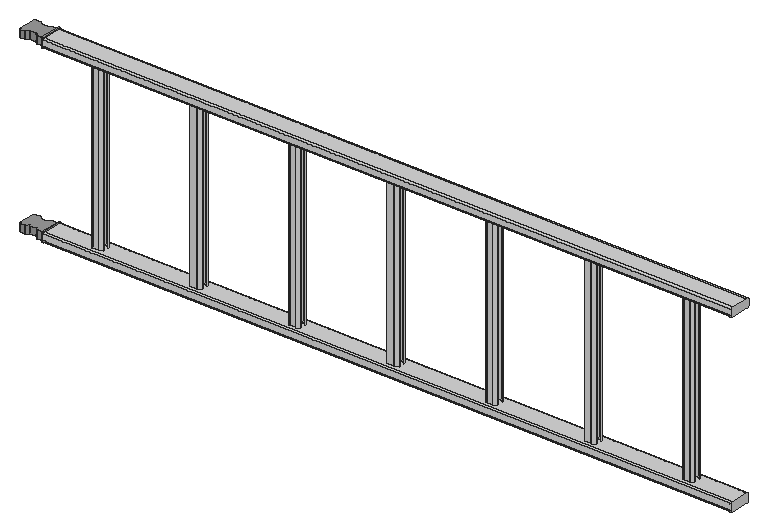
Revit family "EV_LADDER 1960_1857085", category Generic Models, Revit 2018
Family settings
  Can host rebar = No
  Round Connector Dimension = Use Diameter
  Part Type = Normal
  OmniClass Number = 35.51.14.00
  OmniClass Title = FORMWORK
  Work Plane-Based = Yes
  Always vertical = No
  Cut with Voids When Loaded = No
  Shared = Yes
  Room Calculation Point = No
Parameters
  VERSION = "20170217"  # constant formula
  URL = "www.ulmaconstruction.com/en"
  UNICLASS = ""
  Manufacturer = "ULMA CONSTRUCTION"  # constant formula
  ITEM_WEIGHT = 14.00 kg
  ITEM_CODE = "1857085"
  FILTER [instance] = ""
  Default Elevation = 0.000 mm
  CLASSIFICATION_TITLE = ""
  CLASSIFICATION_NUMBER = ""
Reference planes
  plane 1 "Centro (Frontal/Posterior)": y = 0
  plane 2: z = 0
  plane 3 "Centro (Izquierda/Derecha)": x = 0
Forms (mm)
  Extrusion 1, solid, material "ULMA ZINC"
    sketch origin (0, 0, 0) x (1, 0, 0) y (0, 1, 0)
      loop
        line (177.429, 12.734) -> (186.503, 7.516) -> (187.5, 9.25) -> (178.426, 14.468)
        arc (178.426, 14.468) -> (177.464, 14.865) -> (176.432, 15) r 4
        line (176.432, 15) -> (157.5, 15) -> (157.5, -15) -> (176.432, -15)
        arc (176.432, -15) -> (177.464, -14.865) -> (178.426, -14.468) r 4
        line (178.426, -14.468) -> (187.5, -9.25) -> (186.503, -7.516) -> (177.429, -12.734)
        arc (177.429, -12.734) -> (176.948, -12.932) -> (176.432, -13) r 2
        line (176.432, -13) -> (159.5, -13) -> (159.5, 13) -> (176.432, 13)
        arc (176.432, 13) -> (176.948, 12.932) -> (177.429, 12.734) r 2
    from -25 to -495
  Extrusion 2, solid, material "ULMA ZINC"
    sketch origin (0, 0, 0.5) x (0, 1, 0) y (0, 0, 1)
      loop
        arc (-30, -21.5) -> (-28.828, -24.328) -> (-26, -25.5) r 4
        line (-26, -25.5) -> (26, -25.5)
        arc (26, -25.5) -> (28.828, -24.328) -> (30, -21.5) r 4
        line (30, -21.5) -> (30, -4.5)
        arc (30, -4.5) -> (28.828, -1.672) -> (26, -0.5) r 4
        line (26, -0.5) -> (-26, -0.5)
        arc (-26, -0.5) -> (-28.828, -1.672) -> (-30, -4.5) r 4
        line (-30, -4.5) -> (-30, -21.5)
    from 31.5 to 1987.5
  Extrusion 3, solid, material "ULMA ZINC"
    sketch origin (0, 0, -494.5) x (0, 1, 0) y (0, 0, 1)
      loop
        arc (-30, -21.5) -> (-28.828, -24.328) -> (-26, -25.5) r 4
        line (-26, -25.5) -> (26, -25.5)
        arc (26, -25.5) -> (28.828, -24.328) -> (30, -21.5) r 4
        line (30, -21.5) -> (30, -4.5)
        arc (30, -4.5) -> (28.828, -1.672) -> (26, -0.5) r 4
        line (26, -0.5) -> (-26, -0.5)
        arc (-26, -0.5) -> (-28.828, -1.672) -> (-30, -4.5) r 4
        line (-30, -4.5) -> (-30, -21.5)
    from 31.5 to 1987.5
  Extrusion 4, solid, material "ULMA POLYPROPYLENE BLACK"
    sketch origin (0, 0, 0) x (0, 1, 0) y (0, 0, 1)
      loop
        line (-29.25, 0.5) -> (-29.25, -25.5) -> (29.25, -25.5) -> (29.25, 0.5) -> (-29.25, 0.5)
    from 27.5 to 31.5
  Extrusion 5, solid, material "ULMA POLYPROPYLENE BLACK"
    sketch origin (0, 0, 0) x (1, 0, 0) y (0, 1, 0)
      loop
        line (27.5, -26.75) -> (27.5, 26.75) -> (13.18, 26.75)
        arc (13.18, 26.75) -> (11.182, 26.333) -> (9.516, 25.152) r 5
        line (9.516, 25.152) -> (5.984, 21.348)
        arc (5.984, 21.348) -> (4.318, 20.167) -> (2.32, 19.75) r 5
        line (2.32, 19.75) -> (-13.32, 19.75)
        arc (-13.32, 19.75) -> (-15.318, 20.167) -> (-16.984, 21.348) r 5
        line (-16.984, 21.348) -> (-20.516, 25.152)
        arc (-20.516, 25.152) -> (-22.182, 26.333) -> (-24.18, 26.75) r 5
        line (-24.18, 26.75) -> (-33.5, 26.75)
        arc (-33.5, 26.75) -> (-37.036, 25.286) -> (-38.5, 21.75) r 5
        line (-38.5, 21.75) -> (-38.5, -21.75)
        arc (-38.5, -21.75) -> (-37.036, -25.286) -> (-33.5, -26.75) r 5
        line (-33.5, -26.75) -> (-24.18, -26.75)
        arc (-24.18, -26.75) -> (-22.182, -26.333) -> (-20.516, -25.152) r 5
        line (-20.516, -25.152) -> (-16.984, -21.348)
        arc (-16.984, -21.348) -> (-15.318, -20.167) -> (-13.32, -19.75) r 5
        line (-13.32, -19.75) -> (2.32, -19.75)
        arc (2.32, -19.75) -> (4.318, -20.167) -> (5.984, -21.348) r 5
        line (5.984, -21.348) -> (9.516, -25.152)
        arc (9.516, -25.152) -> (11.182, -26.333) -> (13.18, -26.75) r 5
        line (13.18, -26.75) -> (27.5, -26.75)
    from -23 to -2
  Extrusion 6, solid, material "ULMA POLYPROPYLENE BLACK"
    sketch origin (0, 0, -495) x (0, 1, 0) y (0, 0, 1)
      loop
        line (-29.25, 0.5) -> (-29.25, -25.5) -> (29.25, -25.5) -> (29.25, 0.5) -> (-29.25, 0.5)
    from 27.5 to 31.5
  Extrusion 7, solid, material "ULMA POLYPROPYLENE BLACK"
    sketch origin (0, 0, 0) x (1, 0, 0) y (0, 1, 0)
      loop
        line (27.5, -26.75) -> (27.5, 26.75) -> (13.18, 26.75)
        arc (13.18, 26.75) -> (11.182, 26.333) -> (9.516, 25.152) r 5
        line (9.516, 25.152) -> (5.984, 21.348)
        arc (5.984, 21.348) -> (4.318, 20.167) -> (2.32, 19.75) r 5
        line (2.32, 19.75) -> (-13.32, 19.75)
        arc (-13.32, 19.75) -> (-15.318, 20.167) -> (-16.984, 21.348) r 5
        line (-16.984, 21.348) -> (-20.516, 25.152)
        arc (-20.516, 25.152) -> (-22.182, 26.333) -> (-24.18, 26.75) r 5
        line (-24.18, 26.75) -> (-33.5, 26.75)
        arc (-33.5, 26.75) -> (-37.036, 25.286) -> (-38.5, 21.75) r 5
        line (-38.5, 21.75) -> (-38.5, -21.75)
        arc (-38.5, -21.75) -> (-37.036, -25.286) -> (-33.5, -26.75) r 5
        line (-33.5, -26.75) -> (-24.18, -26.75)
        arc (-24.18, -26.75) -> (-22.182, -26.333) -> (-20.516, -25.152) r 5
        line (-20.516, -25.152) -> (-16.984, -21.348)
        arc (-16.984, -21.348) -> (-15.318, -20.167) -> (-13.32, -19.75) r 5
        line (-13.32, -19.75) -> (2.32, -19.75)
        arc (2.32, -19.75) -> (4.318, -20.167) -> (5.984, -21.348) r 5
        line (5.984, -21.348) -> (9.516, -25.152)
        arc (9.516, -25.152) -> (11.182, -26.333) -> (13.18, -26.75) r 5
        line (13.18, -26.75) -> (27.5, -26.75)
    from -518 to -497
  Extrusion 8, solid, material "ULMA ZINC"
    sketch origin (280, 0, 0) x (1, 0, 0) y (0, 1, 0)
      loop
        line (177.429, 12.734) -> (186.503, 7.516) -> (187.5, 9.25) -> (178.426, 14.468)
        arc (178.426, 14.468) -> (177.464, 14.865) -> (176.432, 15) r 4
        line (176.432, 15) -> (157.5, 15) -> (157.5, -15) -> (176.432, -15)
        arc (176.432, -15) -> (177.464, -14.865) -> (178.426, -14.468) r 4
        line (178.426, -14.468) -> (187.5, -9.25) -> (186.503, -7.516) -> (177.429, -12.734)
        arc (177.429, -12.734) -> (176.948, -12.932) -> (176.432, -13) r 2
        line (176.432, -13) -> (159.5, -13) -> (159.5, 13) -> (176.432, 13)
        arc (176.432, 13) -> (176.948, 12.932) -> (177.429, 12.734) r 2
    from -25 to -495
  Extrusion 9, solid, material "ULMA ZINC"
    sketch origin (560, 0, 0) x (1, 0, 0) y (0, 1, 0)
      loop
        line (177.429, 12.734) -> (186.503, 7.516) -> (187.5, 9.25) -> (178.426, 14.468)
        arc (178.426, 14.468) -> (177.464, 14.865) -> (176.432, 15) r 4
        line (176.432, 15) -> (157.5, 15) -> (157.5, -15) -> (176.432, -15)
        arc (176.432, -15) -> (177.464, -14.865) -> (178.426, -14.468) r 4
        line (178.426, -14.468) -> (187.5, -9.25) -> (186.503, -7.516) -> (177.429, -12.734)
        arc (177.429, -12.734) -> (176.948, -12.932) -> (176.432, -13) r 2
        line (176.432, -13) -> (159.5, -13) -> (159.5, 13) -> (176.432, 13)
        arc (176.432, 13) -> (176.948, 12.932) -> (177.429, 12.734) r 2
    from -25 to -495
  Extrusion 10, solid, material "ULMA ZINC"
    sketch origin (840, 0, 0) x (1, 0, 0) y (0, 1, 0)
      loop
        line (177.429, 12.734) -> (186.503, 7.516) -> (187.5, 9.25) -> (178.426, 14.468)
        arc (178.426, 14.468) -> (177.464, 14.865) -> (176.432, 15) r 4
        line (176.432, 15) -> (157.5, 15) -> (157.5, -15) -> (176.432, -15)
        arc (176.432, -15) -> (177.464, -14.865) -> (178.426, -14.468) r 4
        line (178.426, -14.468) -> (187.5, -9.25) -> (186.503, -7.516) -> (177.429, -12.734)
        arc (177.429, -12.734) -> (176.948, -12.932) -> (176.432, -13) r 2
        line (176.432, -13) -> (159.5, -13) -> (159.5, 13) -> (176.432, 13)
        arc (176.432, 13) -> (176.948, 12.932) -> (177.429, 12.734) r 2
    from -25 to -495
  Extrusion 11, solid, material "ULMA ZINC"
    sketch origin (1120, 0, 0) x (1, 0, 0) y (0, 1, 0)
      loop
        line (177.429, 12.734) -> (186.503, 7.516) -> (187.5, 9.25) -> (178.426, 14.468)
        arc (178.426, 14.468) -> (177.464, 14.865) -> (176.432, 15) r 4
        line (176.432, 15) -> (157.5, 15) -> (157.5, -15) -> (176.432, -15)
        arc (176.432, -15) -> (177.464, -14.865) -> (178.426, -14.468) r 4
        line (178.426, -14.468) -> (187.5, -9.25) -> (186.503, -7.516) -> (177.429, -12.734)
        arc (177.429, -12.734) -> (176.948, -12.932) -> (176.432, -13) r 2
        line (176.432, -13) -> (159.5, -13) -> (159.5, 13) -> (176.432, 13)
        arc (176.432, 13) -> (176.948, 12.932) -> (177.429, 12.734) r 2
    from -25 to -495
  Extrusion 12, solid, material "ULMA ZINC"
    sketch origin (1400, 0, 0) x (1, 0, 0) y (0, 1, 0)
      loop
        line (177.429, 12.734) -> (186.503, 7.516) -> (187.5, 9.25) -> (178.426, 14.468)
        arc (178.426, 14.468) -> (177.464, 14.865) -> (176.432, 15) r 4
        line (176.432, 15) -> (157.5, 15) -> (157.5, -15) -> (176.432, -15)
        arc (176.432, -15) -> (177.464, -14.865) -> (178.426, -14.468) r 4
        line (178.426, -14.468) -> (187.5, -9.25) -> (186.503, -7.516) -> (177.429, -12.734)
        arc (177.429, -12.734) -> (176.948, -12.932) -> (176.432, -13) r 2
        line (176.432, -13) -> (159.5, -13) -> (159.5, 13) -> (176.432, 13)
        arc (176.432, 13) -> (176.948, 12.932) -> (177.429, 12.734) r 2
    from -25 to -495
  Extrusion 13, solid, material "ULMA ZINC"
    sketch origin (1680, 0, 0) x (1, 0, 0) y (0, 1, 0)
      loop
        line (177.429, 12.734) -> (186.503, 7.516) -> (187.5, 9.25) -> (178.426, 14.468)
        arc (178.426, 14.468) -> (177.464, 14.865) -> (176.432, 15) r 4
        line (176.432, 15) -> (157.5, 15) -> (157.5, -15) -> (176.432, -15)
        arc (176.432, -15) -> (177.464, -14.865) -> (178.426, -14.468) r 4
        line (178.426, -14.468) -> (187.5, -9.25) -> (186.503, -7.516) -> (177.429, -12.734)
        arc (177.429, -12.734) -> (176.948, -12.932) -> (176.432, -13) r 2
        line (176.432, -13) -> (159.5, -13) -> (159.5, 13) -> (176.432, 13)
        arc (176.432, 13) -> (176.948, 12.932) -> (177.429, 12.734) r 2
    from -25 to -495
Cuts and joins
  joined: Extrusion 4, Extrusion 5
  joined: Extrusion 1, Extrusion 2
Lines and regions (mm)
  model lines, style "ULMA STAIR", detail levels fine
    curve 1: circle (1962.5, 0, 0) r 6 normal (0, 0, 1)
    curve 2: circle (1962.5, 0, -495) r 6 normal (0, 0, 1)
    curve 3: circle (1962.5, 0, -25) r 6 normal (0, 0, 1)
    curve 4: circle (1962.5, 0, -520) r 6 normal (0, 0, 1)
Dimensions and locks
  aligned and locked: level to plane 2
